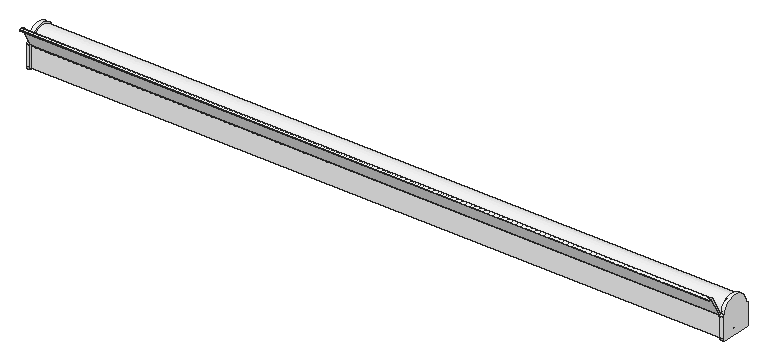
Revit family "0045198+0045236 Feilo Sylvania Lighting Fixture SYLBATTEN LED4 6000K DALI TP5 with ASYMMETRIC REFLECTOR ACCESSORY 1500MM", category Lighting Fixtures, host Face, Revit 2017
Family settings
  Host = Face
  Round Connector Dimension = Use Diameter
  Part Type = Normal
  OmniClass Number = 23.80.70.00
  OmniClass Title = Lighting
  Cut with Voids When Loaded = No
  Light Source = Yes
  Shared = No
  Room Calculation Point = No
Parameters (values of type "0045198 SYLBATTEN LED4 6000K DALI TP5")
  Width_FEILO = 66 mm
  Weight = "3.2 kg"
  Wattage Comments = "n/a"
  Wattage = 39 W
  WarrantyStartDate [instance] = "n/a"
  WarrantyGuarantorParts = "n/a"
  WarrantyDurationUnit = "n/a"
  WarrantyDurationParts = "n/a"
  WarrantyDescription = "n/a"
  built-in parameter 1150110 = 1 (stored number, unit not read)
  Voltage = 230 V
  URL = "http://www.sylvania-lighting.com"
  TypeName = "SYLBATTEN LED4 6000K DALI TP5"
  Type Image = <None>
  Type Comments = "n/a"
  built-in parameter 1114217 = 1 (stored number, unit not read)
  Tilt Angle = -90.00°
  built-in parameter 1150109 = 1 (stored number, unit not read)
  built-in parameter 1150134 = 5
  SymReflector_FEILO = no
  built-in parameter 1150113 = 1 (stored number, unit not read)
  SerialNumber [instance] = "n/a"
  PowerFactor = 0
  PowerConsumption = "39 W"
  Photometric Web File = "0045198+0045236.ies"
  NominalLength = 1505 mm
  NominalHeight = 76 mm
  NominalDepth = 66 mm
  Name = "SYLBATTEN LED4 6000K DALI TP5"
  ModelReference = Name  # "SYLBATTEN LED4 6000K DALI TP5"
  ModelNumber = "0045198"
  Model = Name  # "SYLBATTEN LED4 6000K DALI TP5"
  Material_4_FEILO = Reflector-Sylvania-Sylbatten-White
  Material_3_FEILO = Diffuser-Sylvania-Sylbatten-Glow
  Material_2_FEILO = Body-Sylvania-Sylbatten-White
  Material_1_FEILO = Body-Sylvania-Sylbatten-White
  Material = "sheet steel housing, polycarbonate diffuser"
  ManufacturerName = "Feilo Sylvania"
  Manufacturer = "Feilo Sylvania"
  LuminousEfficacy = "112.2 lm/W"
  built-in parameter 1150105 = 348.31 (stored number, unit not read)
  Lumens = 4376.97 lm
  LuminaireType = ""
  built-in parameter 1150115 = 1 (stored number, unit not read)
  LightOutputRatio = "100"
  built-in parameter 1150137 = (empty or 0)
  built-in parameter 1150139 = (empty or 0)
  Length_FEILO = 1505 mm
  LampsType = Lamp  # "LED"
  LampNominalLuminous = "4377 lm"
  LampMacAdamStep = "n/a"
  LampColourTemperature = "6000 K"
  LampColourRenderingIndex = "80"
  built-in parameter 1150112 = 1 (stored number, unit not read)
  built-in parameter 1150114 = 1 (stored number, unit not read)
  Lamp = "LED"
  Keynote = "16500"
  InstallationDate [instance] = "n/a"
  InputVoltage = "220-240V~"
  InputNominalFrequency = "n/a"
  built-in parameter 1150132 = (empty or 0)
  built-in parameter 1150102 = (empty or 0)
  built-in parameter 1150107 = 6000 (stored number, unit not read)
  built-in parameter 1150138 = (empty or 0)
  IngressProtection = "IP20"
  ImpactProtectionIndex = "IK07"
  built-in parameter 1150106 = 3.4831 (stored number, unit not read)
  IfcExportType = "IfcLightFixtureType"
  IfcExportAs = "IfcLightFixtureType"
  Height_FEILO = 76 mm
  ExpectedLife = 50000
  Emit from Rectangle Width = Length_FEILO - 16 mm  # 1489 mm
  Emit from Rectangle Length = Width_FEILO - 40 mm  # 26 mm
  Emit Shape Visible in Rendering = no
  ElectricShockClassification = "Class I"
  built-in parameter 1150104 = 10.427 (stored number, unit not read)
  DurationUnit = "hours"
  DocumentationLiterature = "http://www.sylvania-lighting.com/product/en-int/products/0045198"
  DimmingControlOptions = "Dimmable"
  Dimming Lamp Color Temperature Shift = <None>
  Description = "LED batten, T8 replacement, ease of installation through 2 part push-in design of the housing (safety cable included), through wiring capability (TP5 = 5 core), sheet steel, 4377LM, 39W, 112m/W, 6000K, drive current: 350mA, CRI 80, 138° wide beam angle, DALI dimmable, IP20, IK07, 50,000 hrs (L70), (LxWxH) 1505x66x76mm, 5 step MacAdam ellipse, 3.7kg, white RAL 9016, Class 1, 220-240V, energy class: A++, A+, A."
  Default Elevation = 1219.2 mm
  CreatedOn = "2/22/2018"
  CreatedBy = ""
  Cost = 0
  Color Filter = 16777215
  built-in parameter 1114216 [instance] = (empty or 0)
  ClassificationValue = "EF_70_80"
  ClassificationName = "Uniclass2015"
  CapOffset_FEILO = 2 mm
  BarCode [instance] = "n/a"
  built-in parameter 1114218 = 1 (stored number, unit not read)
  BackReflector_FEILO = and(not(AsymReflector_FEILO), SymReflector_FEILO)  # no
  built-in parameter 1150133 = 10 (stored number, unit not read)
  FrontReflector_FEILO = or(AsymReflector_FEILO, SymReflector_FEILO)  # yes
  AsymReflector_FEILO = yes
  AssetType = "Fixed"
  AssetIdentifier [instance] = "n/a"
  Assembly Code = "D5020200"
  Apparent Load = 39 VA
Reference planes
  plane 1 "Center (Front/Back)": y = 0
  plane 2: z = 0
  plane 3 "Center (Left/Right)": x = 0
  plane 4: x = 752.5
  plane 5: x = -752.5
  plane 6: y = 33
  plane 7: y = -33
  plane 8: z = 76
  plane 9: z = 47
  plane 10: y = -29
  plane 11: y = 29
  plane 12: z = 20
  plane 13: z = 74
  plane 14: y = -31
  plane 15: y = -27
  plane 16: y = 27
  plane 17: y = 31
  plane 18: z = 2
  plane 19: x = -744.5
  plane 20: x = 744.5
  plane 21: z = 49
  plane 22: y = 1
  plane 23: y = -1
  plane 24: z = 21
  plane 25: z = 19
  plane 26: y = -61
  plane 27: y = 61
  plane 28: y = -56
  plane 29: y = 56
  plane 30: z = 91
  plane 31: z = 88
Forms (mm)
  Extrusion 1, solid, material "Body-Sylvania-Sylbatten-White" <- "Material_2_FEILO"
    sketch origin (0, 0, 0) x (0, 1, 0) y (0, 0, 1)
      loop
        line (-31, 2) -> (31, 2) -> (31, 45)
        arc (31, 45) -> (30.414, 46.414) -> (29, 47) r 2
        line (29, 47) -> (27, 47)
        arc (27, 47) -> (0, 74) -> (-27, 47) r 27
        line (-27, 47) -> (-29, 47)
        arc (-29, 47) -> (-30.414, 46.414) -> (-31, 45) r 2
        line (-31, 45) -> (-31, 2)
    from -744.5 to 744.5
  Extrusion 2, solid, material "Body-Sylvania-Sylbatten-White" <- "Material_2_FEILO"
    sketch origin (752.5, 1524, 1219.2) x (0, 1, 0) y (0, 0, 1)
      loop
        arc (-1494, -1219.2) -> (-1491.879, -1218.321) -> (-1491, -1216.2) r 3
        line (-1491, -1216.2) -> (-1491, -1173.2)
        arc (-1491, -1173.2) -> (-1491.879, -1171.079) -> (-1494, -1170.2) r 3
        line (-1494, -1170.2) -> (-1495.069, -1170.2)
        arc (-1495.069, -1170.2) -> (-1524, -1143.2) -> (-1552.931, -1170.2) r 29
        line (-1552.931, -1170.2) -> (-1554, -1170.2)
        arc (-1554, -1170.2) -> (-1556.121, -1171.079) -> (-1557, -1173.2) r 3
        line (-1557, -1173.2) -> (-1557, -1216.2)
        arc (-1557, -1216.2) -> (-1556.121, -1218.321) -> (-1554, -1219.2) r 3
        line (-1554, -1219.2) -> (-1494, -1219.2)
      loop
        arc (-1525, -1189.25) -> (-1531.071, -1192.129) -> (-1533.95, -1198.2) r 10
        line (-1533.95, -1198.2) -> (-1532.944, -1198.2)
        arc (-1532.944, -1198.2) -> (-1530.364, -1192.836) -> (-1525, -1190.256) r 9
        line (-1525, -1190.256) -> (-1525, -1189.25)
      loop
        arc (-1523, -1190.256) -> (-1517.636, -1192.836) -> (-1515.056, -1198.2) r 9
        line (-1515.056, -1198.2) -> (-1514.05, -1198.2)
        arc (-1514.05, -1198.2) -> (-1516.929, -1192.129) -> (-1523, -1189.25) r 10
        line (-1523, -1189.25) -> (-1523, -1190.256)
      loop
        line (-1532.944, -1200.2) -> (-1533.95, -1200.2)
        arc (-1533.95, -1200.2) -> (-1531.071, -1206.271) -> (-1525, -1209.15) r 10
        line (-1525, -1209.15) -> (-1525, -1208.144)
        arc (-1525, -1208.144) -> (-1530.364, -1205.564) -> (-1532.944, -1200.2) r 9
      loop
        arc (-1515.056, -1200.2) -> (-1517.636, -1205.564) -> (-1523, -1208.144) r 9
        line (-1523, -1208.144) -> (-1523, -1209.15)
        arc (-1523, -1209.15) -> (-1516.929, -1206.271) -> (-1514.05, -1200.2) r 10
        line (-1514.05, -1200.2) -> (-1515.056, -1200.2)
    from 0 to -8
  Extrusion 3, solid, material "Body-Sylvania-Sylbatten-White" <- "Material_2_FEILO"
    sketch origin (-752.5, 1524, 1219.2) x (0, 1, 0) y (0, 0, 1)
      loop
        arc (-1495.069, -1170.2) -> (-1524, -1143.2) -> (-1552.931, -1170.2) r 29
        line (-1552.931, -1170.2) -> (-1554, -1170.2)
        arc (-1554, -1170.2) -> (-1556.121, -1171.079) -> (-1557, -1173.2) r 3
        line (-1557, -1173.2) -> (-1557, -1216.2)
        arc (-1557, -1216.2) -> (-1556.121, -1218.321) -> (-1554, -1219.2) r 3
        line (-1554, -1219.2) -> (-1494, -1219.2)
        arc (-1494, -1219.2) -> (-1491.879, -1218.321) -> (-1491, -1216.2) r 3
        line (-1491, -1216.2) -> (-1491, -1173.2)
        arc (-1491, -1173.2) -> (-1491.879, -1171.079) -> (-1494, -1170.2) r 3
        line (-1494, -1170.2) -> (-1495.069, -1170.2)
      loop
        line (-1533.95, -1198.2) -> (-1532.944, -1198.2)
        arc (-1532.944, -1198.2) -> (-1530.364, -1192.836) -> (-1525, -1190.256) r 9
        line (-1525, -1190.256) -> (-1525, -1189.25)
        arc (-1525, -1189.25) -> (-1531.071, -1192.129) -> (-1533.95, -1198.2) r 10
      loop
        line (-1523, -1189.25) -> (-1523, -1190.256)
        arc (-1523, -1190.256) -> (-1517.636, -1192.836) -> (-1515.056, -1198.2) r 9
        line (-1515.056, -1198.2) -> (-1514.05, -1198.2)
        arc (-1514.05, -1198.2) -> (-1516.929, -1192.129) -> (-1523, -1189.25) r 10
      loop
        line (-1514.05, -1200.2) -> (-1515.056, -1200.2)
        arc (-1515.056, -1200.2) -> (-1517.636, -1205.564) -> (-1523, -1208.144) r 9
        line (-1523, -1208.144) -> (-1523, -1209.15)
        arc (-1523, -1209.15) -> (-1516.929, -1206.271) -> (-1514.05, -1200.2) r 10
      loop
        line (-1525, -1209.15) -> (-1525, -1208.144)
        arc (-1525, -1208.144) -> (-1530.364, -1205.564) -> (-1532.944, -1200.2) r 9
        line (-1532.944, -1200.2) -> (-1533.95, -1200.2)
        arc (-1533.95, -1200.2) -> (-1531.071, -1206.271) -> (-1525, -1209.15) r 10
    from 0 to 8
  Extrusion 4, solid, material "Reflector-Sylvania-Sylbatten-White" <- "Material_4_FEILO", visible <- "FrontReflector_FEILO"
    sketch origin (0, 0, 0) x (0, 1, 0) y (0, 0, 1)
      loop
        line (-61.257, 88.429) -> (-60.743, 87.571) -> (-56.621, 90.044)
        arc (-56.621, 90.044) -> (-56.237, 90.099) -> (-55.929, 89.863) r 0.5
        line (-55.929, 89.863) -> (-31.435, 46.753) -> (-30.565, 47.247) -> (-55.312, 90.802)
        arc (-55.312, 90.802) -> (-55.928, 91.275) -> (-56.696, 91.165) r 1
        line (-56.696, 91.165) -> (-61.257, 88.429)
    from -744.5 to 744.5
  Extrusion 5, solid, material "Reflector-Sylvania-Sylbatten-White" <- "Material_4_FEILO", visible <- "BackReflector_FEILO"
    sketch origin (0, 0, 0) x (0, 1, 0) y (0, 0, 1)
      loop
        line (30.565, 47.247) -> (31.435, 46.753) -> (55.932, 89.868)
        arc (55.932, 89.868) -> (56.245, 90.112) -> (56.638, 90.062) r 0.518
        line (56.638, 90.062) -> (61.033, 87.565) -> (61.527, 88.435) -> (56.682, 91.188)
        arc (56.682, 91.188) -> (55.922, 91.282) -> (55.318, 90.812) r 1
        line (55.318, 90.812) -> (30.565, 47.247)
    from -744.5 to 744.5
Lines and regions (mm)
  reference lines
    curve 1: line (0, -61, 88) -> (0, -56, 91)
    curve 2: line (0, -56, 91) -> (0, -31, 47)
    curve 3: line (0, 31, 47) -> (0, 56, 91)
    curve 4: line (0, 56, 91) -> (0, 61.28, 88)
Dimensions and locks
  equal spacing: plane 5, plane 3 "Center (Left/Right)", plane 4
  equal spacing: plane 7, plane 1 "Center (Front/Back)", plane 6
  "Width_FEILO": plane 7 to plane 6
  "Length_FEILO": plane 5 to plane 4
  "Height_FEILO": plane 8 to plane 2
  locked: plane 9 to plane 8 at 29
  equal spacing: plane 10, plane 1 "Center (Front/Back)", plane 11
  locked: plane 7 to plane 10 at 4
  locked: plane 12 to plane 2 at 20
  "CapOffset_FEILO": plane 13 to plane 8
  "CapOffset_FEILO": plane 7 to plane 14
  "CapOffset_FEILO": plane 10 to plane 15
  "CapOffset_FEILO": plane 17 to plane 6
  "CapOffset_FEILO": plane 16 to plane 11
  "CapOffset_FEILO": plane 18 to plane 2
  locked: plane 14 to Extrusion 1 sketch curve at 2
  locked: Extrusion 1 sketch curve to plane 9 at 2  (x2)
  locked: plane 16 to Extrusion 1 sketch curve at 2
  equal spacing: plane 19, plane 3 "Center (Left/Right)", plane 20
  locked: plane 5 to plane 19 at 8
  "CapOffset_FEILO": plane 9 to plane 21
  locked: Extrusion 2 sketch curve to plane 2 at 47
  locked: Extrusion 1 sketch curve to plane 2 at 47
  locked: Extrusion 2 sketch curve to plane 2 at 3  (x2)
  locked: plane 7 to Extrusion 2 sketch curve at 3  (x2)
  locked: Extrusion 2 sketch curve to plane 6 at 3  (x2)
  locked: Extrusion 2 sketch curve to plane 21 at 3  (x2)
  equal spacing: plane 23, plane 1 "Center (Front/Back)", plane 22
  equal spacing: plane 25, plane 12, plane 24
  plane 30 to plane 31 to plane 2 = 3 mm locked, 88 mm locked
  plane 28 to plane 29 = 112 mm
  plane 26 to plane 27 = 122 mm
  aligned and locked: plane 2 to host face
  aligned and locked: level to host face
  aligned and locked: plane 18 to Extrusion 1 sketch curve
  aligned and locked: plane 14 to Extrusion 1 sketch curve
  aligned and locked: Extrusion 1 sketch curve to plane 9  (x2)
  aligned and locked: Extrusion 1 sketch curve to plane 17
  aligned and locked: plane 15 to Extrusion 1 sketch curve
  aligned and locked: plane 16 to Extrusion 1 sketch curve
  aligned and locked: plane 9 to Extrusion 1 sketch curve
  aligned and locked: plane 20 to Extrusion 1
  aligned and locked: level to Extrusion 2 sketch curve
  aligned and locked: Extrusion 2 sketch curve to plane 7
  aligned and locked: plane 21 to Extrusion 2 sketch curve
  aligned and locked: Extrusion 2 sketch curve to plane 21
  aligned and locked: plane 1 "Center (Front/Back)" to Extrusion 2 sketch curve  (x3)
  aligned and locked: Extrusion 2 to Extrusion 1
  aligned and locked: plane 4 to Extrusion 2
  aligned and locked: plane 12 to Extrusion 2 sketch curve  (x2)
  aligned and locked: Extrusion 2 sketch curve to plane 22
  aligned and locked: Extrusion 2 sketch curve to plane 23
  aligned and locked: Extrusion 2 sketch curve to plane 24
  aligned and locked: Extrusion 2 sketch curve to plane 25
  aligned and locked: plane 25 to Extrusion 2 sketch curve
  aligned and locked: plane 22 to Extrusion 2 sketch curve
  aligned and locked: plane 24 to Extrusion 2 sketch curve
  aligned and locked: plane 23 to Extrusion 2 sketch curve  (x2)
  aligned and locked: Extrusion 3 sketch curve to Extrusion 2  (x22)
  aligned and locked: Extrusion 3 to Extrusion 1
  aligned and locked: Extrusion 3 to plane 5
  aligned and locked: plane 19 to Extrusion 3
  aligned and locked: plane 31 to curve 1
  aligned and locked: plane 30 to curve 1
  aligned and locked: plane 14 to curve 2
  aligned and locked: plane 9 to curve 2
  aligned and locked: plane 17 to curve 3
  aligned and locked: plane 30 to curve 3
  aligned and locked: plane 31 to curve 4
  aligned and locked: Extrusion 4 sketch curve to curve 2
  aligned and locked: Extrusion 4 sketch curve to curve 1
  aligned and locked: Extrusion 4 to Extrusion 1
  aligned and locked: Extrusion 1 to Extrusion 4
  aligned and locked: imposter light to plane 1 "Center (Front/Back)"
  aligned and locked: imposter light to plane 3 "Center (Left/Right)"
  aligned and locked: imposter light to plane 13
  aligned and locked: Extrusion 5 sketch curve to curve 4
  aligned and locked: Extrusion 5 sketch curve to curve 3
  aligned and locked: Extrusion 1 to Extrusion 5
  aligned and locked: Extrusion 5 to Extrusion 1
Automatic sketch dimensions
  host sketch curve to host sketch curve = 2438.4 mm  (x2)
  Extrusion 2 sketch curve to Extrusion 2 sketch curve = 0 mm  (x14)
  Extrusion 2 sketch curve to plane 10 = 0.069 mm
  plane 23 to Extrusion 2 sketch curve = 8.95 mm
  Extrusion 2 sketch curve to Extrusion 2 sketch curve = 1.006 mm  (x4)
  Extrusion 2 sketch curve to plane 22 = 7.944 mm
  curve 1 to plane 26 = 0 mm
  curve 2 to plane 28 = 0 mm
  curve 4 to plane 29 = 0 mm
  plane 9 to curve 3 = 0 mm
  plane 26 to Extrusion 4 sketch curve = 0.257 mm
  Extrusion 4 sketch curve to plane 26 = 0.257 mm
  Extrusion 4 sketch curve to plane 30 = 0.165 mm
  plane 28 to Extrusion 4 sketch curve = 0.696 mm
  plane 28 to Extrusion 4 sketch curve = 0.621 mm
  plane 28 to Extrusion 4 sketch curve = 0.364 mm
  plane 28 to Extrusion 4 sketch curve = 0.182 mm
  Extrusion 4 sketch curve to plane 28 = 0.071 mm
  plane 30 to Extrusion 4 sketch curve = 0.198 mm
  Extrusion 4 sketch curve to plane 28 = 0.688 mm
  plane 9 to Extrusion 4 sketch curve = 0.247 mm
  plane 1 "Center (Front/Back)" to Extrusion 4 sketch curve = 31.435 mm
  Extrusion 5 sketch curve to plane 9 = 0.247 mm
  Extrusion 5 sketch curve to plane 1 "Center (Front/Back)" = 30.565 mm
  plane 9 to Extrusion 5 sketch curve = 0.247 mm
  plane 30 to Extrusion 5 sketch curve = 0.188 mm
  plane 29 to Extrusion 5 sketch curve = 0.068 mm
  Extrusion 5 sketch curve to plane 29 = 0.188 mm
  Extrusion 5 sketch curve to plane 29 = 0.382 mm
  Extrusion 5 sketch curve to Extrusion 5 sketch curve = 0.256 mm
  Extrusion 5 sketch curve to plane 30 = 0.188 mm
  Extrusion 5 sketch curve to plane 29 = 0.682 mm
  Extrusion 5 sketch curve to plane 27 = 0.033 mm
  Extrusion 5 sketch curve to plane 27 = 0.527 mm
Connectors
  electrical at (0, 0, 0), driven by "Apparent Load", driven by "PowerFactor", driven by "Voltage"
    settings: index 1, voltage 230 V, apparent load 39 VA, apparent load phase1 0 VA, apparent load phase2 0 VA, apparent load phase3 0 VA, power factor 0, load classification "Lighting", number of poles 1, system type 30, power factor state 1, is connector primary yes, connector utility no, sub classification motor no, connector description ""
